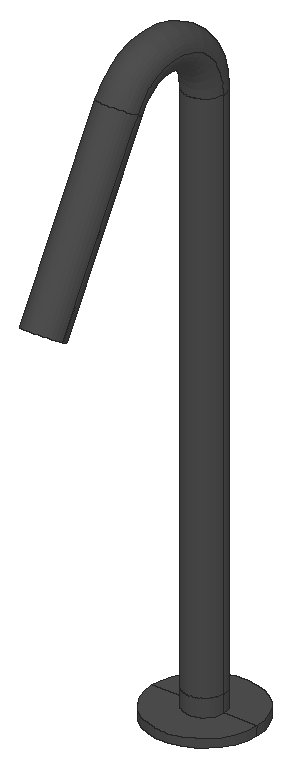
Revit family "Reece_Tap_Milli_Pure_Basin Outlet_Hob Mount_115 mm", category Plumbing Fixtures, host Face, Revit 2018
Family settings
  Host = Face
  Round Connector Dimension = Use Diameter
  Part Type = Normal
  Cut with Voids When Loaded = No
  Shared = Yes
  Room Calculation Point = Yes
Parameters (values of type "Matte Black")
  WFU = 0  # constant formula
  URL = "https://www.reece.com.au/product/-2284178"
  Type Comments = "Tap"
  Reece_Tap_Reach = 115 mm  # constant formula
  Reece_Tap_Inlet = 15 mm  # constant formula
  Reece_Tap_Clearance = 245 mm  # constant formula
  Reece_Product_Web Page = "https://www.reece.com.au/product/-2284178"
  Reece_Product_Type = "Tap"
  Reece_Product_Sub Brand = "Pure"  # constant formula
  Reece_Product_Number = "2284178"
  Reece_Product_Mount = "Hob Mounted"
  Reece_Product_Description = "Milli Pure Vessel Basin Outlet Matte Black (5 Star)"
  Reece_Product_Brand = "Milli\r\n"  # constant formula
  Reece_Overall_Length = 154.5 mm  # constant formula
  Reece_Overall_Height = 365 mm  # constant formula
  Reece_Material-Main = Reece_Brass_Matte Black
  Reece_Detail_Shape = ""
  Reece_Detail_Disclaimer = "THIS FILE IS THE PROPERTY OF THE REECE GROUP. IT MAY NOT BE REPRODUCED, REVERSE-ENGINEERED OR MODIFIED. ANY REPUBLICATION, TRANSMISSION OR DISTRIBUTION FOR THE PURPOSE OF COMMERCIALLY EXPLOITING THE FILES IS PROHIBITED."  # constant formula
  Reece_Detail_Connector = ""
  Reece_Detail_Additional = ""
  Model = "Pure"
  Manufacturer = "Milli\r\n"
  Keynote = "Product #2284178, Reece_Tap_Milli_Pure_Basin Outlet_Hob Mount_115 mm - Matte Black"
  HWFU = 0  # constant formula
  Disclaimer = "THIS FILE IS THE PROPERTY OF THE REECE GROUP. IT MAY NOT BE REPRODUCED, REVERSE-ENGINEERED OR MODIFIED. ANY REPUBLICATION, TRANSMISSION OR DISTRIBUTION FOR THE PURPOSE OF COMMERCIALLY EXPLOITING THE FILES IS PROHIBITED."  # constant formula
  Description = "Milli Pure Vessel Basin Outlet Matte Black (5 Star)"
  Default Elevation = 1000 mm
  CWFU = 0  # constant formula
Types (6, lengths in mm): name | URL | Reece_Product_Web Page | Reece_Product_Number | Reece_Product_Description | Reece_Material-Main | Keynote | Description
  (no name) | "https://www.reece.com.au/product/-2284184" | "https://www.reece.com.au/product/-2284184" | "2284184" | "Milli Pure Vessel Basin Outlet Brushed Gunmetal (5 Star)" | Reece_Brass_Brushed Gunmetal | "Product #2284184, Reece_Tap_Milli_Pure_Basin Outlet_Hob Mount_115 mm -  " | "Milli Pure Vessel Basin Outlet Brushed Gunmetal (5 Star)"
  Brushed Gunmetal | "https://www.reece.com.au/product/-2284184" | "https://www.reece.com.au/product/-2284184" | "2284184" | "Milli Pure Vessel Basin Outlet Brushed Gunmetal (5 Star)" | Reece_Brass_Brushed Gunmetal | "Product #2284184, Reece_Tap_Milli_Pure_Basin Outlet_Hob Mount_115 mm - Brushed Gunmetal" | "Milli Pure Vessel Basin Outlet Brushed Gunmetal (5 Star)"
  Chrome | "https://www.reece.com.au/product/-2284171" | "https://www.reece.com.au/product/-2284171" | "2284171" | "Milli Pure Vessel Basin Outlet Chrome (5 Star)" | Reece_Brass_Chrome | "Product #2284171, Reece_Tap_Milli_Pure_Basin Outlet_Hob Mount_115 mm - Chrome" | "Milli Pure Vessel Basin Outlet Chrome (5 Star)"
  Matte Black | "https://www.reece.com.au/product/-2284178" | "https://www.reece.com.au/product/-2284178" | "2284178" | "Milli Pure Vessel Basin Outlet Matte Black (5 Star)" | Reece_Brass_Matte Black | "Product #2284178, Reece_Tap_Milli_Pure_Basin Outlet_Hob Mount_115 mm - Matte Black" | "Milli Pure Vessel Basin Outlet Matte Black (5 Star)"
  PVD Brushed Bronze | "https://www.reece.com.au/product/-9511145" | "https://www.reece.com.au/product/-9511145" | "9511145" | "Milli Pure Vessel Basin Outlet PVD Brushed Bronze (5 Star)" | Reece_PVD_Brushed Bronze | "Product #9511145, Reece_Tap_Milli_Pure_Basin Outlet_Hob Mount_115 mm - PVD Brushed Bronze" | "Milli Pure Vessel Basin Outlet PVD Brushed Bronze (5 Star)"
  PVD Brushed Gold | "https://www.reece.com.au/product/-9510960" | "https://www.reece.com.au/product/-9510960" | "9510960" | "Milli Pure Vessel Basin Outlet PVD Brushed Gold (5 Star)" | Reece_PVD_Brushed Gold | "Product #9510960, Reece_Tap_Milli_Pure_Basin Outlet_Hob Mount_115 mm - PVD Brushed Gold" | "Milli Pure Vessel Basin Outlet PVD Brushed Gold (5 Star)"
Reference planes
  plane 1 "Center (Front/Back)": y = 0
  plane 2 "Bottom": z = 0
  plane 3 "Center (Left/Right)": x = 0
  plane 4 "Top": z = 365
  plane 5: y = -115
  plane 6: z = 245
  plane 7: y = 30
  plane 8: y = -124.5
  plane 9: through (0, -115, 245) normal (0, 0.866, -0.5)
Forms (mm)
  Extrusion 1, void
    sketch origin (0, 0, 0) x (1, 0, 0) y (0, 1, 0)
      loop
        circle (0, 0) r 18.5
    from -40 to 0
  Revolve 2, solid, material "Reece_Brass_Matte Black" <- "Reece_Material-Main"
    sketch origin (3.5, 0, 0) x (-1, 0, 0) y (0, 0, 1)
      loop
        line (-26.5, 5) -> (-26.5, 0) -> (3.5, 0) -> (3.5, 5) -> (-26.5, 5)
      axis (3.5, 5) -> (3.5, 0)
    angle from 0 to 360
  Sweep 3, solid, material "Reece_Brass_Matte Black" <- "Reece_Material-Main"
    path origin (0, 0, 0) x (0, 1, 0) y (0, 0, 1)
      loop
        line (-115, 245) -> (-61.506, 337.655)
        arc (-61.506, 337.655) -> (-24.43, 353.012) -> (0, 321.174) r 32.961
        line (0, 321.174) -> (0, 15)
    profile origin (0, 0, 168.087) x (1, 0, 0) y (0, 1, 0)
      loop
        circle (0, 0) r 11
  Sweep 4, solid, material "Reece_Brass_Matte Black" <- "Reece_Material-Main"
    path origin (0, 0, 0) x (0, 1, 0) y (0, 0, 1)
      loop
        line (0, 15) -> (0, 5)
    profile origin (0, 0, 10) x (1, 0, 0) y (0, 1, 0)
      loop
        circle (0, 0) r 11
  Revolve 5, void
    sketch origin (0, 3.746, 99.824) x (0, 0.984808, -0.173648) y (0, 0.173648, 0.984808)
      loop
        line (-132.524, 122.488) -> (-140.981, 125.567) -> (-142.134, 122.4) -> (-133.677, 119.322) -> (-132.524, 122.488)
      axis (-140.981, 125.567) -> (-142.134, 122.4)
    angle from 0 to 360
Cuts and joins
  Revolve 5 cuts Sweep 3
  joined: Revolve 2, Sweep 4
Text (mm)
  text "Reece Copyright © 2018, Reece Ltd." at (-1403.988, -1192.393, 0), in view "Ref. Level"
  text "Reece ©" at (44.384, 258.95, 192.345), in view "Reece Preview"
Dimensions and locks
  Revolve 2 sketch curve to Revolve 2 sketch curve = 30 mm
  "Reece_Overall_Height": plane 4 "Top" to plane 2 "Bottom"
  "Reece_Tap_Clearance": plane 6 to plane 2 "Bottom"
  "Reece_Tap_Reach": plane 1 "Center (Front/Back)" to plane 5
  "Reece_Overall_Length": plane 7 to plane 8
  angle plane 9 to plane 5 = 30.00°
  aligned and locked: plane 2 "Bottom" to host face
  aligned and locked: level to host face
Automatic sketch dimensions
  host sketch curve to host sketch curve = 380.785 mm
  host sketch curve to host sketch curve = 317.421 mm
  Extrusion 1 sketch curve to Extrusion 1 sketch curve = 0 mm  (x2)
  Extrusion 1 sketch curve to plane 3 "Center (Left/Right)" = 0 mm
  plane 1 "Center (Front/Back)" to Extrusion 1 sketch curve = 0 mm
  plane 1 "Center (Front/Back)" to Extrusion 1 sketch curve = 18.5 mm
  Sweep 3 sketch curve to plane 3 "Center (Left/Right)" = 0 mm
  profile plane to Sweep 3 sketch curve = 0 mm
  Revolve 2 sketch curve to level = 0 mm
  Revolve 2 sketch curve to plane 3 "Center (Left/Right)" = 0 mm  (x2)
  Revolve 2 sketch curve to level = 340.81 mm
  plane 4 "Top" to Revolve 2 sketch curve = 2048.37 mm
  Sweep 4 sketch curve to plane 3 "Center (Left/Right)" = 0 mm
  profile plane to Sweep 4 sketch curve = 0 mm
  Sweep 4 sketch curve to plane 1 "Center (Front/Back)" = 0 mm
  level to Sweep 4 sketch curve = 5 mm
  Sweep 4 sketch curve to Sweep 4 sketch curve = 10 mm
  plane 9 to Revolve 5 sketch curve = 0 mm  (x4)
  plane 8 to Revolve 5 sketch curve = 9.526 mm
  Revolve 5 sketch curve to Revolve 5 sketch curve = 1.153 mm
  Revolve 5 sketch curve to Revolve 5 sketch curve = 8.457 mm
  Revolve 5 sketch curve to Revolve 5 sketch curve = 7.036 mm
  Revolve 5 sketch curve to Revolve 5 sketch curve = 21.517 mm
  Sweep 3 sketch curve to plane 5 = 0 mm
  plane 9 to Sweep 3 sketch curve = 0 mm
  Sweep 3 sketch curve to plane 1 "Center (Front/Back)" = 0 mm
  Sweep 3 sketch curve to plane 6 = 0 mm
  Sweep 3 sketch curve to plane 4 "Top" = 27.345 mm
  plane 1 "Center (Front/Back)" to Sweep 3 sketch curve = 32.961 mm
  level to Sweep 3 sketch curve = 15 mm
  level to Revolve 2 sketch curve = 5 mm
  radius of Sweep 3 sketch curve = 11 mm
  radius of Sweep 4 sketch curve = 11 mm
Connectors
  piping at (0, 0, 0), diameter 15, driven by "Reece_Tap_Inlet"
    settings: on host face, index 1, connector inside diameter 609.6 mm, connector length 0 mm, flow factor 0, pipe flow 0.0 L/s, pressure drop 0.0 Pa, fitting loss kfactor 0, connector angle 0.00°, fixture units 0, engagement length 0 mm, angle of deflection 0.00°, flow configuration 0, flow direction 1, fitting loss method 0, system type 29, joint type 0, gender type 0, connector reference index -1, connector utility 0, adjustable connector no, is connector primary yes, connector description ""
